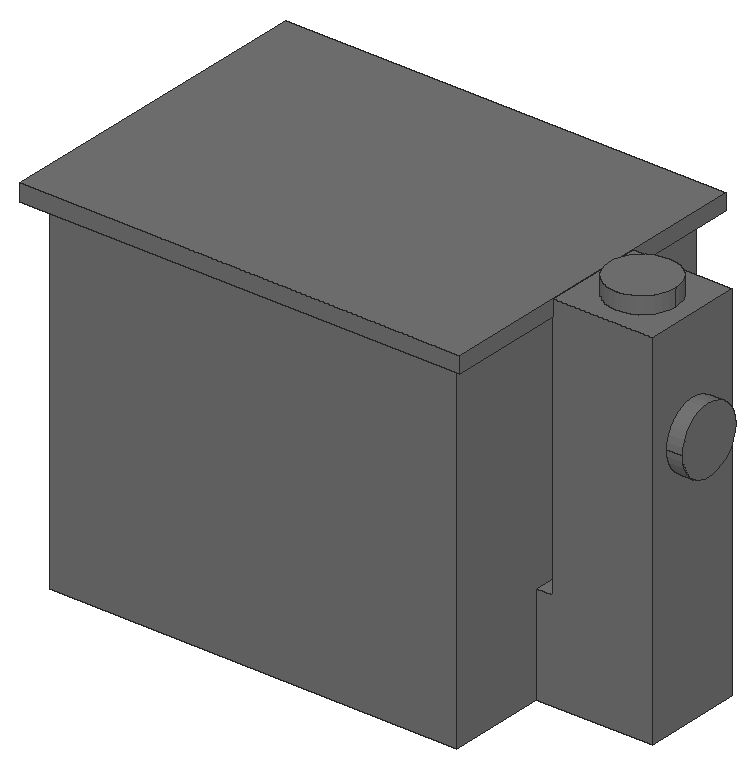
Revit family
Parameters (values of type "8004")
  Width = 16 3/4"
  Weight (lb) = 0
  Warranty = "1 year material and workmanship"  # constant formula
  URL = "http://jrsmith.com"
  Threaded Connection = no
  Technical and Installation = "http://www.jrsmith.com/products/inter/tech_data_index.htm"
  Speedi Set Connection = no
  SmartBIM Object Version = 3  # constant formula
  SmartBIM Object Created By = "Reed Construction Data"  # constant formula
  Push On Connection = no
  Product URL = "http://www.jrsmith.com/products/inter/submittal/d8000.pdf\r\n"
  OmniClass Title = "Fats, Oils, and Grease Disposal Systems"  # constant formula
  OmniClass Code = "22-22 13 19 13"  # constant formula
  Note = "Interceptor must have flow control."  # constant formula
  No Hub Connection = no
  Model = "8004"
  Max. Static Load = ""
  Material Finish = Duco coated
  Material = Alluminum Paint Dark Gray
  Manufacturer = "Jay R. Smith Mfg. Co. "  # constant formula
  Height = 11"
  GREASE CAP = "8 Lbs"
  GPM Flow Rate = "4"
  Free Area(Sq In) = ""
  Flow Rate = ""
  Drain Diameter = 0"
  Description = "Grease Interceptor"  # constant formula
  Depth = 9"
  Default Elevation = 48"
  Clean Out Radius = Clean Out Diameter / 2  # 1"
  Clean Out Diameter = 2"
  Clean Out Depth = 3"
  Clean Out Width = 4"
  Caulk Connection = no
  Capacity = ""
  Outlet Radius = Outlet Diameter / 2  # 1"
  Outlet Diameter = 2"
  Inlet Radius = Inlet Diameter / 2  # 1"
  Inlet Diameter = 2"
  Inlet And Air Outlet Height = 7 3/4"
  Assembly Code = ""
  Action = ""
  95 CSI = "15155"  # constant formula
  04 CSI = "22 13 29"  # constant formula
Types (10): name | Width | Model | Height | GREASE CAP | GPM Flow Rate | Depth | Outlet Radius | Outlet Diameter | Inlet Radius | Inlet Diameter | Inlet And Air Outlet Height | Assembly Code
  (no name) | 16 3/4" | "8004" | 11" | "8 Lbs" | "4" | 9" | 1" | 2" | 1" | 2" | 7 3/4" | ""
  8004 | 16 3/4" | "8004" | 11" | "8 Lbs" | "4" | 9" | 1" | 2" | 1" | 2" | 7 3/4" | ""
  8007 | 19" | "8007" | 12" | "14 Lbs" | "7" | 10" | 1" | 2" | 1" | 2" | 8 1/2" | "D2030400"
  8010 | 21 1/4" | "8010" | 13 1/4" | "20 Lbs" | "10" | 11 1/2" | 1 1/2" | 3" | 1 1/2" | 3" | 9 1/2" | "D2030400"
  8015 | 25" | "8015" | 15 1/2" | "30 Lbs" | "15" | 13 1/2" | 1" | 2" | 1" | 2" | 12" | "D2030400"
  8020 | 28 1/2" | "8020" | 17" | "40 Lbs" | "20" | 15 3/4" | 1 1/2" | 3" | 1 1/2" | 3" | 13" | "D2030400"
  8025 | 30" | "8025" | 19 3/4" | "50 Lbs" | "25" | 16 3/4" | 1 1/2" | 3" | 1 1/2" | 3" | 13" | "D2030400"
  8035 | 32 1/2" | "8050" | 21" | "70 Lbs" | "35" | 18 1/4" | 1 1/2" | 3" | 1 1/2" | 3" | 16" | "D2030400"
  8050 | 35 1/2" | "8050" | 24 1/4" | "100 Lbs" | "50" | 20 3/4" | 1 1/2" | 3" | 1 1/2" | 3" | 17 1/2" | "D2030400"
  8120 Low Type | 38 1/2" | "8120" | 10 1/2" | "40 Lbs" | "20" | 21 3/4" | 1 1/2" | 3" | 1 1/2" | 3" | 7" | "D2030400"
Reference planes (in)
  plane 1 "Center (Front/Back)": y = -1.36143
  plane 2: z = 0
  plane 3 "Center (Left/Right)": x = -3.77936
  plane 4: x = -12.15436
  plane 5: x = 4.59564
  plane 6: z = 11
  plane 7: y = 3.13857
  plane 8: y = -5.86143
  plane 9: z = 10.5
  plane 10: x = 0.59564
  plane 11: x = -11.65436
  plane 12: z = 0.25
  plane 13: z = 7.75
  plane 14: x = 4.09564
  plane 15: x = 2.59564
  plane 16: z = 11.5
  plane 17: y = 7.01357
Forms (in)
  Sweep 1, solid, material "Alluminum Paint Dark Gray" <- "Material"
    path origin (0, 0, 0) x (1, 0, 0) y (0, 1, 0)
      loop
        line (-11.65436, -5.86143) -> (0.59564, -5.86143) -> (0.59564, 3.13857) -> (-11.65436, 3.13857) -> (-11.65436, -5.86143)
    profile origin (-11.65436, -1.36143, 0) x (-1, 0, 0) y (0, 0, 1)
      loop
        line (0.5, 10.5) -> (0.5, 11) -> (0.25, 11) -> (-0.25, 11) -> (-0.25, 0) -> (0, 0) -> (0, 10.5) -> (0.5, 10.5)
  Extrusion 2, solid, material "Alluminum Paint Dark Gray" <- "Material"
    sketch origin (0, -1.36143, 0) x (1, 0, 0) y (0, 0, 1)
      loop
        line (1.09564, 11) -> (1.09564, 3) -> (0.59564, 3) -> (0.59564, 0) -> (4.09564, 0) -> (4.09564, 11) -> (1.09564, 11)
    from -1.5 to 1.5
  Extrusion 3, solid, material "Alluminum Paint Dark Gray"
    sketch origin (0, 0, 0) x (1, 0, 0) y (0, 1, 0)
      loop
        line (-11.40436, 2.88857) -> (-11.40436, -5.61143) -> (0.34564, -5.61143) -> (0.34564, 2.88857) -> (-11.40436, 2.88857)
    from 0 to 0.25
  Extrusion 4, solid, material "Alluminum Paint Dark Gray" <- "Material"
    sketch origin (-3.77936, 0, 0) x (0, 1, 0) y (0, 0, 1)
      loop
        circle (-1.36143, 7.75) r 1
    from 7.875 to 8.375
  Extrusion 5, solid, material "Alluminum Paint Dark Gray" <- "Material"
    sketch origin (-3.77936, 0, 0) x (0, 1, 0) y (0, 0, 1)
      loop
        circle (-1.36143, 7.75) r 1
    from -8.375 to -7.875
  Extrusion 6, solid, material "Alluminum Paint Dark Gray" <- "Material"
    sketch origin (0, 0, 0) x (1, 0, 0) y (0, 1, 0)
      loop
        circle (2.59564, -1.36143) r 1
    from 11 to 11.5
  Extrusion 7, solid, material "Alluminum Paint Dark Gray" <- "Material"
    sketch origin (0, 0, 0) x (1, 0, 0) y (0, 1, 0)
      loop
        line (-11.40436, -5.61143) -> (0.34564, -5.61143) -> (0.34564, 2.88857) -> (-11.40436, 2.88857) -> (-11.40436, -5.61143)
    from 10.5 to 11
Cuts and joins
  joined: Sweep 1, Extrusion 7
Dimensions and locks (in)
  equal spacing: plane 4, plane 3 "Center (Left/Right)", plane 5
  "Width": plane 4 to plane 5
  "Height": plane 6 to level
  "Clean Out Width": plane 10 to plane 5
  locked: Extrusion 2 sketch curve to Extrusion 2 sketch curve at 0.5
  equal spacing: plane 7, plane 1 "Center (Front/Back)", plane 8
  "Depth": plane 7 to plane 8
  equal spacing: Extrusion 2, plane 1 "Center (Front/Back)", Extrusion 2
  "Clean Out Depth": Extrusion 2 to Extrusion 2
  locked: plane 12 to level at 0.25
  "Inlet And Air Outlet Height": plane 13 to level
  locked: plane 5 to plane 14 at 0.5
  locked: plane 15 to plane 5 at 2
  locked: plane 4 to plane 11 at 0.5
  locked: plane 6 to plane 9 at 0.5
  locked: plane 16 to plane 6 at 0.5
  "Outlet Radius": radius of Extrusion 4 sketch curve
  "Inlet Radius": radius of Extrusion 5 sketch curve
  "Clean Out Radius": radius of Extrusion 6 sketch curve
  radius of Extrusion 4 sketch curve = 1"  (x2)
  aligned and locked: plane 4 to Sweep 1 sketch curve
  aligned and locked: plane 9 to Sweep 1 sketch curve
  aligned and locked: plane 11 to Sweep 1 sketch curve
  aligned and locked: level to Sweep 1 sketch curve
  aligned and locked: plane 6 to Sweep 1 sketch curve  (x2)
  aligned and locked: Sweep 1 sketch curve to plane 10
  aligned and locked: Sweep 1 sketch curve to plane 7
  aligned and locked: plane 8 to Sweep 1 sketch curve
  aligned and locked: Extrusion 2 sketch curve to plane 6
  aligned and locked: Extrusion 2 sketch curve to level
  aligned and locked: Extrusion 2 sketch curve to Sweep 1
  aligned and locked: Extrusion 2 sketch curve to plane 10
  aligned and locked: Extrusion 3 sketch curve to Sweep 1  (x4)
  aligned and locked: level to Extrusion 3
  aligned and locked: plane 12 to Extrusion 3
  aligned and locked: plane 1 "Center (Front/Back)" to Extrusion 4 sketch curve
  aligned and locked: plane 13 to Extrusion 4 sketch curve
  aligned and locked: plane 14 to Extrusion 2 sketch curve
  aligned and locked: Extrusion 4 to plane 14
  aligned and locked: Extrusion 4 to plane 5
  aligned and locked: plane 13 to Extrusion 5 sketch curve
  aligned and locked: plane 1 "Center (Front/Back)" to Extrusion 5 sketch curve
  aligned and locked: plane 4 to Extrusion 5
  aligned and locked: Extrusion 5 to plane 11
  aligned and locked: plane 1 "Center (Front/Back)" to Extrusion 6 sketch curve
  aligned and locked: plane 15 to Extrusion 6 sketch curve
  aligned and locked: Extrusion 6 to plane 6
  aligned and locked: plane 16 to Extrusion 6
  aligned and locked: Extrusion 7 sketch curve to Sweep 1  (x4)
  aligned and locked: Extrusion 7 to plane 9
  aligned and locked: plane 6 to Extrusion 7
Automatic sketch dimensions
  Sweep 1 sketch curve to plane 11 = 0"
  level to Extrusion 2 sketch curve = 3"
  Sweep 1 sketch curve to level = 0"
  profile plane to Sweep 1 sketch curve = 1/4"
  Sweep 1 sketch curve to Sweep 1 sketch curve = 1/4"
  Sweep 1 sketch curve to Sweep 1 sketch curve = 0"
Connectors (in)
  piping at (-12.15436, -1.36143, 7.75), driven by "Inlet Radius"
    settings: on Extrusion 5, index 1, connector radius 1", flow factor 0, pipe flow 0 GPM, pressure drop 0.00 psi, fitting loss kfactor 0, connector angle 0.00°, fixture units 0, flow configuration 0, flow direction 0, fitting loss method 0, system type 7, connector reference index -1, connector utility 0, adjustable connector no, is connector primary yes, fitting loss table "", connector description ""
  piping at (4.59564, -1.36143, 7.75), driven by "Outlet Radius"
    settings: on Extrusion 4, index 2, connector radius 1", flow factor 0, pipe flow 0 GPM, pressure drop 0.00 psi, fitting loss kfactor 0, connector angle 0.00°, fixture units 0, flow configuration 0, flow direction 0, fitting loss method 0, system type 7, connector reference index -1, connector utility 0, adjustable connector no, is connector primary no, fitting loss table "", connector description ""
